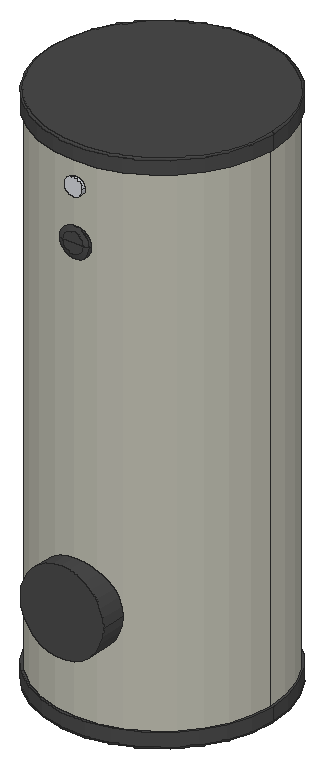
Revit family "Edesso", category Mechanical Equipment, Revit 2020
Family settings
  Round Connector Dimension = Use Diameter
  Part Type = Normal
  OmniClass Number = 23.75.00.00
  OmniClass Title = Climate Control (HVAC)
  Work Plane-Based = No
  Always vertical = Yes
  Cut with Voids When Loaded = No
  Shared = No
  Room Calculation Point = No
Parameters (values of type "500 liter")
  Uitlopen & circulatie = Heating element connection 2 : 1"
  URL = "https://masterwatt.nl/"
  Radius = [Diameter (A)] / 2  # 375 mm
  N = 946 mm
  Model = "Edesso 500"
  Materiaal 2 = Kunststof zwart glimmend
  Materiaal 1 = Default New Material
  Manufacturer = "Masterwatt B.V."
  M = 361 mm
  F = 1513 mm
  C = 1796 mm
  Radius vat = Radius - 8 mm  # 367 mm
  E = 913 mm
  D = 263 mm
  E Aansluiting voor = C - 300 mm  # 1496 mm
  Diameter uitlopen & circulatie = 25.4 mm
  Diameter aan/afvoer = 25.4 mm
  Diameter (A) = 750 mm
  Default Elevation = 0 mm
  D Opening voor = 402 mm
  Copyright [instance] = "Masterwatt B.V."  # constant formula
  B = 798 mm
  Art. No. = "200 860 500"
  Aan/afvoer = Heating element connection 2 : 1"
Types (6, lengths in mm): name | Uitlopen & circulatie | Radius | N | Model | M | F | C | Radius vat | E | D | E Aansluiting voor | Diameter uitlopen & circulatie | Diameter (A) | D Opening voor | B | Art. No.
  120 liter | Heating element connection 2 : 3/4" | 275 | 511 | "Edesso 120" | 261 | 728 | 924 | 267 | 462 | 203 | 624 | 19.1 | 550 | 338 | 571 | "200 860 120"
  160 liter | Heating element connection 2 : 3/4" | 275 | 721 | "Edesso 160" | 261 | 978 | 1174 | 267 | 591 | 203 | 874 | 19.1 | 550 | 338 | 571 | "200 860 160"
  200 liter | Heating element connection 2 : 3/4" | 275 | 821 | "Edesso 200" | 261 | 1328 | 1524 | 267 | 729 | 203 | 1224 | 19.1 | 550 | 338 | 571 | "200 860 200"
  300 liter | Heating element connection 2 : 1" | 325 | 859 | "Edesso 300" | 279 | 1283 | 1526 | 317 | 803 | 228 | 1226 | 25.4 | 650 | 377 | 698 | "200 860 300"
  400 liter | Heating element connection 2 : 1" | 375 | 811 | "Edesso 400" | 361 | 1248 | 1530 | 367 | 763 | 263 | 1230 | 25.4 | 750 | 402 | 798 | "200 860 400"
  500 liter | Heating element connection 2 : 1" | 375 | 946 | "Edesso 500" | 361 | 1513 | 1796 | 367 | 913 | 263 | 1496 | 25.4 | 750 | 402 | 798 | "200 860 500"
Reference planes
  plane 1 "Center (Front/Back)": y = 0
  plane 2: z = 0
  plane 3 "Center (Left/Right)": x = 0
  plane 4: x = 375
  plane 5: x = -375
  plane 6: y = -375
  plane 7: y = 375
  plane 8: z = 1796
  plane 9: z = 1746
  plane 10: z = 14
  plane 11: z = 64
  plane 12: y = -423
  plane 13: x = 0
Forms (mm)
  Extrusion 1, solid, material "Kunststof zwart glimmend" <- "Materiaal 2", detail levels fine
    sketch origin (0, 0, 0) x (1, 0, 0) y (0, 1, 0)
      loop
        circle (0, 0) r 375
    from 1746 to 1796
  Extrusion 2, solid, material "Kunststof zwart glimmend" <- "Materiaal 2", detail levels fine
    sketch origin (0, 0, 0) x (1, 0, 0) y (0, 1, 0)
      loop
        circle (0, 0) r 375
    from 14 to 64
  Extrusion 3, solid, material "Default New Material" <- "Materiaal 1", detail levels fine
    sketch origin (0, 0, 0) x (1, 0, 0) y (0, 1, 0)
      loop
        circle (0, 0) r 367
    from 64 to 1746
  Extrusion 4, solid
    sketch origin (0, 0, 0) x (1, 0, 0) y (0, 1, 0)
      loop
        circle (-187.5, 187.5) r 15
      loop
        circle (187.5, 187.5) r 15
      loop
        circle (187.5, -187.5) r 15
      loop
        circle (-187.5, -187.5) r 15
    from 0 to 14
  Extrusion 5, solid, material "Kunststof zwart glimmend" <- "Materiaal 2", detail levels fine
    sketch origin (0, 0, 0) x (1, 0, 0) y (0, 0, 1)
      loop
        circle (0, 402) r 140
    from 343 to 423
  Extrusion 6, solid, detail levels fine
    sketch origin (0, 0, 0) x (1, 0, 0) y (0, 0, 1)
      loop
        circle (0, 1666) r 30
    from 343 to 375
  Sweep 7, void
    path in 3D
      loop
        arc (-375, 0, 1796) -> (0, 375, 1796) -> (375, 0, 1796) r 375
        arc (375, 0, 1796) -> (0, -375, 1796) -> (-375, 0, 1796) r 375
    profile origin (0, -375, 1796) x (0, -1, 0) y (0, 0, 1)
      loop
        line (0, 0) -> (-5, 0)
        arc (-5, 0) -> (-1.464, -1.464) -> (0, -5) r 5
        line (0, -5) -> (0, 0)
  Sweep 8, void
    path in 3D
      loop
        arc (375, 0, 14) -> (0, 375, 14) -> (-375, 0, 14) r 375
        arc (-375, 0, 14) -> (0, -375, 14) -> (375, 0, 14) r 375
    profile origin (0, -375, 14) x (0, -1, 0) y (0, 0, -1)
      loop
        line (0, -5) -> (0, 0) -> (-5, 0)
        arc (-5, 0) -> (-1.464, -1.464) -> (0, -5) r 5
  Extrusion 9, solid, detail levels coarse+medium
    sketch origin (0, 0, 0) x (1, 0, 0) y (0, 1, 0)
      loop
        circle (0, 0) r 375
    from 14 to 1796
Cuts and joins
  Sweep 7 cuts Extrusion 1
  Sweep 8 cuts Extrusion 2
Lines and regions (mm)
  sketch lines
    curve 1: arc (375, 0, 1796) -> (0, -375, 1796) -> (-375, 0, 1796) r 375
    curve 2: arc (-375, 0, 1796) -> (0, 375, 1796) -> (375, 0, 1796) r 375
    curve 3: arc (-375, 0, 14) -> (0, -375, 14) -> (375, 0, 14) r 375
    curve 4: arc (375, 0, 14) -> (0, 375, 14) -> (-375, 0, 14) r 375
  model lines
    curve 5: circle (0, -375, 1666) r 28 normal (0, -1, 0)
    curve 6: line (0, -375, 1666) -> (-17.678, -375, 1683.678)
Dimensions and locks
  "Diameter (A)": plane 6 to plane 7
  equal spacing: plane 6, plane 1 "Center (Front/Back)", plane 7
  "Diameter (A)": plane 5 to plane 4
  equal spacing: plane 5, plane 3 "Center (Left/Right)", plane 4
  "C": plane 8 to level
  locked: plane 8 to plane 9 at 50
  plane 11 to plane 10 to plane 2 = 50 mm locked, 14 mm locked
  equal spacing: plane 5, Extrusion 4 sketch curve, plane 3 "Center (Left/Right)"  (x2)
  equal spacing: plane 1 "Center (Front/Back)", Extrusion 4 sketch curve, plane 7  (x2)
  equal spacing: plane 6, Extrusion 4 sketch curve, plane 1 "Center (Front/Back)"  (x2)
  equal spacing: plane 3 "Center (Left/Right)", Extrusion 4 sketch curve, plane 4  (x2)
  "B": plane 12 to plane 7
  locked: plane 12 to Extrusion 5 at 80
  "D Opening voor": Extrusion 5 sketch curve to level
  locked: plane 8 to Extrusion 6 sketch curve at 130
  "D": level to nested 1
  "E": level to nested 2
  "F": level to nested 3
  "E Aansluiting voor": nested 4 to level
  "Radius": radius of Extrusion 1 sketch curve
  "Radius": radius of Extrusion 2 sketch curve
  "Radius vat": radius of Extrusion 3 sketch curve
  "Radius": radius of Extrusion 9 sketch curve
  locked: plane 1 "Center (Front/Back)" to plane 13 (angle 90.00°)
  aligned and locked: level to plane 2
  aligned and locked: plane 1 "Center (Front/Back)" to Extrusion 1 sketch curve
  aligned and locked: plane 3 "Center (Left/Right)" to Extrusion 1 sketch curve
  aligned and locked: plane 8 to Extrusion 1
  aligned and locked: Extrusion 1 to plane 9
  aligned and locked: plane 3 "Center (Left/Right)" to Extrusion 2 sketch curve
  aligned and locked: plane 1 "Center (Front/Back)" to Extrusion 2 sketch curve
  aligned and locked: Extrusion 2 to plane 10
  aligned and locked: plane 11 to Extrusion 2
  aligned and locked: Extrusion 3 to Extrusion 1
  aligned and locked: Extrusion 3 to Extrusion 2
  aligned and locked: plane 3 "Center (Left/Right)" to Extrusion 3 sketch curve
  aligned and locked: plane 1 "Center (Front/Back)" to Extrusion 3 sketch curve
  aligned and locked: Extrusion 4 to Extrusion 2
  aligned and locked: plane 12 to Extrusion 5
  aligned and locked: plane 3 "Center (Left/Right)" to Extrusion 6 sketch curve
  aligned and locked: plane 6 to Extrusion 6
  aligned and locked: profile plane to Sweep 7 sketch curve  (x2)
  aligned and locked: plane 13 to nested 1
  aligned and locked: plane 13 to nested 2
  aligned and locked: plane 13 to nested 3
  aligned and locked: Extrusion 5 to Extrusion 6
  aligned and locked: plane 1 "Center (Front/Back)" to Extrusion 9 sketch curve
  aligned and locked: plane 3 "Center (Left/Right)" to Extrusion 9 sketch curve
  aligned and locked: Extrusion 9 to plane 10
  aligned and locked: plane 8 to Extrusion 9
  aligned and locked: nested 3 to plane 7
  aligned and locked: nested 2 to plane 7
  aligned and locked: nested 1 to plane 7
  aligned and locked: plane 6 to nested 4
  aligned and locked: plane 3 "Center (Left/Right)" to nested 4
Automatic sketch dimensions
  Sweep 7 sketch curve to Sweep 7 sketch curve = 5 mm
  Sweep 7 sketch curve to Sweep 7 sketch curve = 0 mm  (x2)
  Sweep 7 sketch curve to profile plane = 0 mm  (x2)
  profile plane to Sweep 8 sketch curve = 0 mm  (x2)
  Sweep 8 sketch curve to profile plane = 0 mm  (x2)
  profile plane to Sweep 8 sketch curve = 5 mm
  Sweep 8 sketch curve to Sweep 8 sketch curve = 0 mm  (x2)
  curve 6 to curve 5 = 0 mm  (x2)
  curve 6 to curve 6 = 17.678 mm  (x2)
  Extrusion 5 sketch curve to plane 3 "Center (Left/Right)" = 0 mm
  radius of Extrusion 4 sketch curve = 15 mm  (x4)
  radius of Extrusion 6 sketch curve = 30 mm
  radius of curve 5 to Extrusion 6 = 2 mm
  radius of Extrusion 5 sketch curve = 140 mm
Nested families
  nested 1: "Heating element connection 2" at (0, 351, 263) x (-1, 0, 0) z (0, 0, 1), type <- "Uitlopen & circulatie", type "1"", detail levels fine
  nested 2: "Heating element connection 2" at (0, 351, 913) x (-1, 0, 0) z (0, 0, 1), type <- "Uitlopen & circulatie", type "1"", detail levels fine
  nested 3: "Heating element connection 2" at (0, 351, 1513) x (-1, 0, 0) z (0, 0, 1), type <- "Uitlopen & circulatie", type "1"", detail levels fine
  nested 4: "Edesso_aansluiting voor" at (0, -349, 1446), type "Edesso_aansluiting voor"
Connectors
  piping at (0, 371, 263), diameter 25.4, driven by "Diameter uitlopen & circulatie"
    settings: on nested 1, index 3, connector inside diameter 609.6 mm, connector length 0 mm, flow factor 0, pipe flow 0.0 L/s, pressure drop 0.0 Pa, fitting loss kfactor 0, connector angle 0.00°, fixture units 0, engagement length 0 mm, angle of deflection 0.00°, flow configuration 0, flow direction 1, fitting loss method 0, system type 20, joint type 0, gender type 0, connector reference index -1, connector utility 0, adjustable connector no, is connector primary yes, connector description ""
  piping at (0, 371, 913), diameter 25.4, driven by "Diameter uitlopen & circulatie"
    settings: on nested 2, index 4, connector inside diameter 609.6 mm, connector length 0 mm, flow factor 0, pipe flow 0.0 L/s, pressure drop 0.0 Pa, fitting loss kfactor 0, connector angle 0.00°, fixture units 0, engagement length 0 mm, angle of deflection 0.00°, flow configuration 0, flow direction 0, fitting loss method 0, system type 22, joint type 0, gender type 0, connector reference index -1, connector utility 0, adjustable connector no, is connector primary no, connector description ""
  piping at (0, 371, 1513), diameter 25.4, driven by "Diameter uitlopen & circulatie"
    settings: on nested 3, index 5, connector inside diameter 609.6 mm, connector length 0 mm, flow factor 0, pipe flow 0.0 L/s, pressure drop 0.0 Pa, fitting loss kfactor 0, connector angle 0.00°, fixture units 0, engagement length 0 mm, angle of deflection 0.00°, flow configuration 0, flow direction 2, fitting loss method 0, system type 19, joint type 0, gender type 0, connector reference index -1, connector utility 0, adjustable connector no, is connector primary no, connector description ""
Definition of nested family "Heating element connection 2"
  Parameters (values of type "1"")
    Rad. inner = 12.7 mm
    Rad. = Rad. inner + 2 mm  # 14.7 mm
    Default Elevation = 0 mm
  Types (3, lengths in mm): name | Rad. inner | Rad.
    (no name) | 12.7 | 14.7
    1" | 12.7 | 14.7
    3/4" | 9.5 | 11.5
  Reference planes
    plane 1 "Center (Front/Back)": y = 0
    plane 2: z = 0
    plane 3 "Center (Left/Right)": x = 0
    plane 4: y = -20
    plane 5: y = -24
    plane 6: z = 0
  Forms (mm)
    Extrusion 1, solid
      sketch origin (0, 0, -50) x (1, 0, 0) y (0, 0, 1)
        loop
          circle (0, 50) r 14.7
        loop
          circle (0, 50) r 12.7
      from 0 to 20
    Revolve 2, solid
      sketch origin (37.3, 0, 0) x (1, 0, 0) y (0, 1, 0)
        loop
          line (-52, 0) -> (-64.998, 0) -> (-64.998, -20)
          arc (-64.998, -20) -> (-60.385, -22.963) -> (-55, -24) r 14.495
          arc (-55, -24) -> (-52.879, -23.121) -> (-52, -21) r 3
          line (-52, -21) -> (-52, 0)
        axis (-37.3, 0) -> (-37.3, -24)
      angle from 0 to 360
  Dimensions and locks
    "Rad.": Revolve 2 sketch curve to Revolve 2 sketch curve
    "Rad.": radius of Extrusion 1 sketch curve
    "Rad. inner": radius of Extrusion 1 sketch curve
    aligned and locked: level to plane 2
    aligned and locked: Revolve 2 sketch curve to plane 3 "Center (Left/Right)"
    aligned and locked: level to Revolve 2 sketch curve
    aligned and locked: plane 5 to Revolve 2 sketch curve  (x2)
  Automatic sketch dimensions
    plane 4 to Revolve 2 sketch curve = 0 mm
    plane 1 "Center (Front/Back)" to Revolve 2 sketch curve = 0 mm
    Revolve 2 sketch curve to plane 1 "Center (Front/Back)" = 50 mm
    Extrusion 1 sketch curve to Extrusion 1 sketch curve = 0 mm  (x2)
    Extrusion 1 sketch curve to level = 0 mm
    Extrusion 1 sketch curve to plane 3 "Center (Left/Right)" = 0 mm
Definition of nested family "Edesso_aansluiting voor"
  Parameters (values of type "Edesso_aansluiting voor")
    Default Elevation = 0 mm
  Reference planes
    plane 1 "Center (Front/Back)": y = 0
    plane 2: z = 0
    plane 3 "Center (Left/Right)": x = 0
    plane 4: z = 100
    plane 5: x = -50
    plane 6: x = 50
    plane 7: z = 50
    plane 8: y = -20
    plane 9: y = -26
  Forms (mm)
    Revolve 1, solid
      sketch origin (0, 0, 50) x (1, 0, 0) y (0, 1, 0)
        loop
          line (0, 0) -> (-50, 0) -> (-50, -20) -> (-33.846, -25.88) -> (0, -25.88) -> (0, 0)
        axis (0, 0) -> (0, -25.88)
      angle from 0 to 360
  Dimensions and locks
    aligned and locked: level to plane 2
